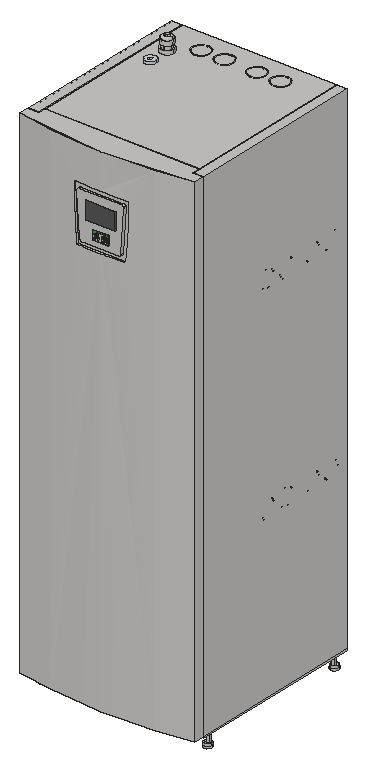
Revit family "HVAC_Heaters_Enertech_CTC-EcoPart-400 Pro", category Specialty Equipment, Revit 2017 (continued)
Automatic sketch dimensions
  curve 344 to curve 345 = 0 mm  (x2)
  curve 348 to curve 349 = 0 mm  (x2)
  curve 126 to level = 0 mm
  curve 126 to plane 7 = 0 mm
  curve 356 to plane 8 = 0 mm
  curve 480 to level = 0 mm
  curve 479 to level = 0 mm
  curve 129 to plane 6 = 0 mm
  curve 105 to plane 6 = 0 mm
  curve 112 to plane 6 = 0 mm
  curve 108 to plane 6 = 0 mm
  plane 7 to curve 356 = 24.485 mm
  curve 355 to curve 155 = 43 mm
  level to curve 149 = 4 mm
  curve 154 to curve 149 = 26 mm
  curve 149 to curve 152 = 2 mm
  curve 151 to curve 357 = 7.375 mm
  curve 153 to curve 143 = 10.034 mm
  curve 144 to curve 147 = 7.341 mm
  curve 146 to curve 148 = 2 mm
  level to curve 322 = 24.995 mm
  curve 147 to curve 322 = 76.511 mm
  level to curve 322 = 26.409 mm
  curve 319 to curve 322 = 1.414 mm
  level to curve 319 = 16.828 mm
  level to curve 318 = 18.242 mm
  curve 316 to curve 320 = 1.414 mm
  level to curve 315 = 18.242 mm
  level to curve 321 = 16.828 mm
  level to curve 315 = 26.828 mm
  curve 316 to curve 315 = 8.587 mm
  level to curve 321 = 25.414 mm
  curve 315 to curve 321 = 1.414 mm
  curve 323 to curve 323 = 1.414 mm
  curve 317 to curve 325 = 18.343 mm
  level to curve 328 = 25.414 mm
  curve 326 to curve 328 = 1.414 mm
  level to curve 327 = 26.828 mm
  level to curve 328 = 16.828 mm
  curve 326 to curve 328 = 8.587 mm
  level to curve 327 = 18.242 mm
  curve 328 to curve 327 = 1.414 mm
  curve 330 to curve 329 = 1.414 mm
  level to curve 331 = 18.242 mm
  level to curve 332 = 16.828 mm
  level to curve 331 = 26.409 mm
  curve 330 to curve 331 = 8.167 mm
  plane 1 "Center (Front/Back)" to curve 235 = 34.467 mm
  plane 1 "Center (Front/Back)" to curve 251 = 34.467 mm
  curve 252 to curve 251 = 0 mm
  curve 236 to curve 232 = 0 mm
  curve 245 to curve 252 = 2.001 mm
  curve 251 to curve 252 = 0 mm
  curve 232 to curve 235 = 2.001 mm
  curve 236 to curve 231 = 0 mm
  plane 1 "Center (Front/Back)" to curve 242 = 5 mm
  plane 1 "Center (Front/Back)" to curve 258 = 5 mm
  plane 1 "Center (Front/Back)" to curve 254 = 5 mm
  plane 1 "Center (Front/Back)" to curve 238 = 5 mm
  plane 1 "Center (Front/Back)" to curve 228 = 4 mm
  plane 1 "Center (Front/Back)" to curve 244 = 4 mm
  curve 247 to curve 253 = 2 mm
  curve 246 to curve 257 = 2 mm
  curve 230 to curve 241 = 2 mm
  curve 231 to curve 237 = 2 mm
  curve 239 to plane 1 "Center (Front/Back)" = 24.466 mm
  curve 240 to curve 233 = 0 mm
  curve 255 to plane 1 "Center (Front/Back)" = 24.466 mm
  curve 256 to curve 249 = 0 mm
  curve 256 to curve 256 = 2.001 mm
  curve 255 to curve 243 = 0 mm
  curve 233 to curve 239 = 2.001 mm
  curve 240 to curve 234 = 0 mm
  curve 255 to curve 267 = 19.066 mm
  curve 227 to curve 220 = 19.066 mm
  curve 219 to curve 213 = 0 mm
  curve 268 to curve 267 = 0 mm
  curve 264 to curve 267 = 2.001 mm
  curve 220 to curve 220 = 2.001 mm
  curve 219 to curve 214 = 0 mm
  curve 268 to curve 263 = 0 mm
  curve 219 to curve 222 = 27.466 mm
  curve 267 to curve 270 = 27.466 mm
  curve 220 to curve 226 = 27.466 mm
  curve 268 to curve 274 = 27.466 mm
  curve 222 to curve 212 = 1 mm
  curve 268 to curve 259 = 28.466 mm
  curve 215 to curve 221 = 2 mm
  curve 226 to curve 225 = 2 mm
  curve 262 to curve 273 = 2 mm
  curve 270 to curve 269 = 2 mm
  curve 211 to curve 224 = 28.466 mm
  curve 223 to curve 212 = 0 mm
  curve 259 to curve 272 = 28.466 mm
  curve 271 to curve 260 = 0 mm
  curve 265 to curve 271 = 2.001 mm
  curve 212 to curve 224 = 2.001 mm
  curve 272 to curve 266 = 0 mm
  curve 223 to curve 211 = 0 mm
  curve 120 to plane 1 "Center (Front/Back)" = 111.368 mm
  level to curve 341 = 24.995 mm
  curve 341 to plane 1 "Center (Front/Back)" = 138.747 mm
  level to curve 341 = 26.409 mm
  curve 338 to curve 341 = 1.414 mm
  level to curve 338 = 16.828 mm
  level to curve 337 = 18.242 mm
  curve 337 to curve 339 = 1.414 mm  (x2)
  plane 8 to curve 122 = 6 mm
  curve 120 to curve 122 = 38.497 mm
  level to curve 334 = 18.242 mm
  level to curve 340 = 16.828 mm
  curve 224 to curve 204 = 49.049 mm
  curve 203 to curve 197 = 0 mm
  curve 271 to curve 283 = 49.049 mm
  curve 284 to curve 283 = 0 mm
  curve 203 to curve 203 = 2.001 mm
  curve 277 to curve 284 = 2.001 mm
  curve 283 to curve 284 = 0 mm
  curve 204 to curve 199 = 0 mm
  level to curve 334 = 26.828 mm
  curve 334 to curve 334 = 8.587 mm
  level to curve 340 = 25.414 mm
  curve 334 to curve 340 = 1.414 mm
  curve 340 to curve 343 = 1.414 mm
  curve 118 to curve 178 = 28.752 mm
  plane 8 to curve 167 = 38.959 mm
  curve 123 to curve 167 = 1.883 mm
  curve 342 to curve 343 = 18.343 mm
  level to curve 347 = 25.414 mm
  curve 345 to curve 347 = 1.414 mm
  plane 8 to curve 167 = 40.305 mm
  curve 166 to curve 167 = 2.332 mm
  level to curve 346 = 26.828 mm
  curve 165 to curve 170 = 4.096 mm
  curve 284 to curve 290 = 27.466 mm
  curve 279 to curve 286 = 27.466 mm
  curve 203 to curve 206 = 27.466 mm
  curve 198 to curve 210 = 27.466 mm
  curve 206 to curve 200 = 1 mm
  curve 284 to curve 275 = 28.466 mm
  curve 278 to curve 289 = 2 mm
  curve 286 to curve 285 = 2 mm
  curve 198 to curve 209 = 2 mm
  curve 199 to curve 205 = 2 mm
  curve 167 to curve 176 = 6.7 mm
  level to curve 347 = 16.828 mm
  curve 345 to curve 347 = 8.587 mm
  level to curve 346 = 18.242 mm
  curve 348 to curve 346 = 1.414 mm
  curve 349 to curve 348 = 1.414 mm  (x2)
  level to curve 350 = 18.242 mm
  level to curve 351 = 16.828 mm
  level to curve 350 = 26.409 mm
  curve 349 to curve 350 = 8.167 mm
  curve 176 to curve 175 = 22.169 mm
  curve 195 to curve 207 = 28.466 mm
  curve 275 to curve 288 = 28.466 mm
  curve 287 to curve 276 = 0 mm
  curve 208 to curve 201 = 0 mm
  curve 201 to curve 207 = 2.001 mm
  curve 276 to curve 288 = 2.001 mm
  curve 208 to curve 202 = 0 mm
  curve 287 to curve 275 = 0 mm
  curve 175 to curve 160 = 4.936 mm
  curve 175 to curve 162 = 6.7 mm
  curve 162 to curve 161 = 2.332 mm
  curve 162 to curve 125 = 4.216 mm
  curve 195 to curve 188 = 19.066 mm
  curve 187 to curve 181 = 0 mm
  curve 275 to curve 300 = 19.066 mm
  curve 299 to curve 300 = 0 mm
  curve 296 to curve 299 = 2.001 mm
  curve 184 to curve 187 = 2.001 mm
  curve 300 to curve 295 = 0 mm
  curve 188 to curve 183 = 0 mm
  curve 295 to curve 302 = 27.466 mm
  curve 187 to curve 190 = 27.466 mm
  curve 188 to curve 194 = 27.466 mm
  curve 294 to curve 306 = 27.466 mm
  curve 190 to curve 182 = 1 mm
  curve 302 to curve 291 = 1 mm
  curve 190 to curve 189 = 2 mm
  curve 181 to curve 193 = 2 mm
  curve 294 to curve 305 = 2 mm
  curve 302 to curve 301 = 2 mm
  level to curve 140 = 4 mm
  curve 140 to plane 6 = 46.48 mm
  curve 179 to curve 191 = 28.466 mm
  curve 192 to curve 191 = 0 mm
  curve 291 to curve 303 = 28.466 mm
  curve 304 to curve 297 = 0 mm
  curve 140 to curve 307 = 2 mm
  curve 292 to curve 304 = 2.001 mm
  curve 303 to curve 291 = 0 mm
  curve 192 to curve 192 = 2.001 mm
  curve 191 to curve 179 = 0 mm
  curve 138 to curve 138 = 7.375 mm
  curve 142 to curve 311 = 10 mm
  curve 132 to curve 135 = 7.375 mm
  curve 135 to curve 136 = 2 mm
  curve 133 to plane 6 = 4 mm
  plane 6 to curve 111 = 1 mm
  plane 6 to curve 116 = 1 mm
  plane 6 to curve 108 = 1 mm
  curve 146 to curve 144 = 8 mm
  curve 139 to curve 139 = 8 mm
  curve 330 to curve 330 = 1.414 mm
  curve 316 to curve 316 = 1.414 mm
  curve 326 to curve 326 = 1.414 mm
  curve 153 to curve 143 = 0 mm
  curve 142 to curve 311 = 0 mm
  curve 154 to curve 355 = 24.5 mm
  curve 130 to curve 129 = 24.518 mm
  curve 331 to curve 254 = 573.124 mm
  curve 254 to curve 253 = 0 mm
  curve 253 to curve 286 = 0 mm
  curve 286 to curve 285 = 0 mm
  curve 282 to curve 301 = 0 mm
  curve 302 to curve 298 = 0 mm
  curve 253 to curve 269 = 0 mm
  curve 270 to curve 266 = 0 mm
  curve 270 to curve 270 = 2.001 mm
  curve 254 to curve 254 = 2.001 mm
  curve 286 to curve 286 = 2.001 mm
  curve 301 to curve 301 = 2.001 mm
  curve 283 to curve 284 = 2 mm
  curve 267 to curve 268 = 2 mm
  curve 250 to curve 256 = 2 mm
  curve 265 to curve 272 = 2 mm
  curve 296 to curve 300 = 2 mm
  curve 247 to curve 252 = 2 mm
  curve 287 to curve 288 = 2 mm
  curve 297 to curve 304 = 2 mm
  curve 221 to plane 8 = 460.467 mm
  curve 222 to curve 218 = 0 mm
  curve 237 to curve 216 = 0 mm
  curve 221 to curve 189 = 0 mm
  curve 190 to curve 186 = 0 mm
  curve 238 to curve 234 = 0 mm
  curve 206 to curve 184 = 0 mm
  curve 206 to curve 205 = 0 mm
  curve 206 to curve 206 = 2.001 mm
  curve 232 to curve 238 = 2.001 mm
  curve 190 to curve 190 = 2.001 mm
  curve 222 to curve 222 = 2.001 mm
  curve 234 to curve 240 = 2 mm
  curve 191 to curve 192 = 2 mm
  curve 200 to curve 204 = 2 mm
  curve 183 to curve 188 = 2 mm
  curve 232 to curve 236 = 2 mm
  curve 201 to curve 208 = 2 mm
  curve 218 to curve 224 = 2 mm
  curve 215 to curve 220 = 2 mm
  curve 129 to curve 105 = 199.429 mm
  curve 116 to curve 114 = 28 mm
  curve 113 to curve 112 = 22 mm
  curve 111 to curve 111 = 28 mm
  curve 110 to curve 107 = 22 mm
  curve 107 to curve 107 = 28 mm
  plane 8 to curve 159 = 11 mm
  curve 158 to curve 160 = 14.2 mm
  curve 162 to curve 123 = 6.695 mm
  plane 7 to curve 356 = 13.426 mm
  curve 356 to curve 355 = 9.24 mm
  curve 355 to curve 354 = 15.898 mm
  curve 353 to curve 155 = 4 mm
  curve 174 to curve 176 = 0 mm
  curve 174 to curve 175 = 0 mm  (x2)
  curve 142 to curve 312 = 19.518 mm
  Extrusion 29 sketch curve to plane 3 "Center (Left/Right)" = 135 mm  (x2)
  Extrusion 29 sketch curve to plane 3 "Center (Left/Right)" = 55 mm  (x2)
  plane 3 "Center (Left/Right)" to Extrusion 29 sketch curve = 54.984 mm  (x2)
  Extrusion 29 sketch curve to Extrusion 29 sketch curve = 80 mm  (x2)
  level to Extrusion 29 sketch curve = 630 mm
  Extrusion 29 sketch curve to Extrusion 29 sketch curve = 0 mm  (x6)
  Extrusion 29 sketch curve to plane 8 = 430 mm
  Blend 16 sketch curve to Blend 16 sketch curve = 35 mm
  plane 7 to Blend 16 sketch curve = 63.486 mm
  plane 6 to Blend 16 sketch curve = 937.934 mm
  plane 7 to Blend 16 sketch curve = 27.743 mm
  Blend 16 sketch curve to Blend 16 sketch curve = 35.742 mm
  plane 7 to Blend 16 sketch curve = 26.703 mm
  plane 6 to Blend 16 sketch curve = 996.727 mm
  radius of Extrusion 9 sketch curve = 14 mm  (x6)
  radius of Extrusion 9 sketch curve = 12.4 mm  (x6)
  radius of Extrusion 15 sketch curve = 5 mm  (x4)
  radius of Extrusion 22 sketch curve = 19.248 mm
  radius of Extrusion 22 sketch curve = 7.026 mm
  radius of Extrusion 24 sketch curve = 5.5 mm
  radius of Extrusion 26 sketch curve = 28.484 mm  (x4)
  radius of Extrusion 27 sketch curve = 28.484 mm  (x8)
  radius of Extrusion 28 sketch curve = 28.484 mm  (x8)
  radius of Extrusion 29 sketch curve = 28.484 mm  (x8)
Connectors
  electrical at (-205.108, 200.616, 1807), driven by "NumberOfPoles"
    settings: on cut or joined group of Revolve 23, Extrusion 24, index 1, voltage 0 V, apparent load 0 VA, apparent load phase1 0 VA, apparent load phase2 0 VA, apparent load phase3 0 VA, power factor 1, load classification "Other", number of poles 3, system type 31, power factor state 1, is connector primary yes, connector utility no, sub classification motor no, connector description ""
  electrical at (-205.108, 130.616, 1766)
    settings: on Extrusion 22, index 2, voltage 0 V, apparent load 0 VA, apparent load phase1 0 VA, apparent load phase2 0 VA, apparent load phase3 0 VA, power factor 1, load classification "Other", number of poles 1, system type 14, power factor state 1, is connector primary no, connector utility no, sub classification motor no, connector description ""
  piping at (-134.992, 257.55, 1757), diameter 28
    settings: on Extrusion 26, index 3, connector inside diameter 609.6 mm, connector length 0 mm, flow factor 0, pipe flow 0.0 L/s, pressure drop 0.0 Pa, fitting loss kfactor 0, connector angle 0.00°, fixture units 0, engagement length 0 mm, angle of deflection 0.00°, flow configuration 0, flow direction 1, fitting loss method 0, system type 19, joint type 0, gender type 0, connector reference index -1, connector utility 0, adjustable connector no, is connector primary yes, connector description ""
  piping at (-54.992, 257.55, 1757), diameter 28
    settings: on Extrusion 26, index 4, connector inside diameter 609.6 mm, connector length 0 mm, flow factor 0, pipe flow 0.0 L/s, pressure drop 0.0 Pa, fitting loss kfactor 0, connector angle 0.00°, fixture units 0, engagement length 0 mm, angle of deflection 0.00°, flow configuration 0, flow direction 2, fitting loss method 0, system type 19, joint type 0, gender type 0, connector reference index -1, connector utility 0, adjustable connector no, is connector primary no, connector description ""
  piping at (54.992, 257.55, 1757), diameter 28
    settings: on Extrusion 26, index 5, connector inside diameter 609.6 mm, connector length 0 mm, flow factor 0, pipe flow 0.0 L/s, pressure drop 0.0 Pa, fitting loss kfactor 0, connector angle 0.00°, fixture units 0, engagement length 0 mm, angle of deflection 0.00°, flow configuration 0, flow direction 2, fitting loss method 0, system type 22, joint type 0, gender type 0, connector reference index -1, connector utility 0, adjustable connector no, is connector primary no, connector description ""
  piping at (134.992, 257.55, 1757), diameter 28
    settings: on Extrusion 26, index 6, connector inside diameter 609.6 mm, connector length 0 mm, flow factor 0, pipe flow 0.0 L/s, pressure drop 0.0 Pa, fitting loss kfactor 0, connector angle 0.00°, fixture units 0, engagement length 0 mm, angle of deflection 0.00°, flow configuration 0, flow direction 1, fitting loss method 0, system type 22, joint type 0, gender type 0, connector reference index -1, connector utility 0, adjustable connector no, is connector primary no, connector description ""
  piping at (296, -4, 1330), diameter 28
    settings: on Extrusion 28, index 7, connector inside diameter 609.6 mm, connector length 0 mm, flow factor 0, pipe flow 0.0 L/s, pressure drop 0.0 Pa, fitting loss kfactor 0, connector angle 0.00°, fixture units 0, engagement length 0 mm, angle of deflection 0.00°, flow configuration 0, flow direction 1, fitting loss method 0, system type 19, joint type 0, gender type 0, connector reference index -1, connector utility 0, adjustable connector no, is connector primary no, connector description ""
  piping at (296, 76, 1330), diameter 28
    settings: on Extrusion 28, index 8, connector inside diameter 609.6 mm, connector length 0 mm, flow factor 0, pipe flow 0.0 L/s, pressure drop 0.0 Pa, fitting loss kfactor 0, connector angle 0.00°, fixture units 0, engagement length 0 mm, angle of deflection 0.00°, flow configuration 0, flow direction 2, fitting loss method 0, system type 19, joint type 0, gender type 0, connector reference index -1, connector utility 0, adjustable connector no, is connector primary no, connector description ""
  piping at (296, 185.984, 1330), diameter 28
    settings: on Extrusion 28, index 9, connector inside diameter 609.6 mm, connector length 0 mm, flow factor 0, pipe flow 0.0 L/s, pressure drop 0.0 Pa, fitting loss kfactor 0, connector angle 0.00°, fixture units 0, engagement length 0 mm, angle of deflection 0.00°, flow configuration 0, flow direction 2, fitting loss method 0, system type 22, joint type 0, gender type 0, connector reference index -1, connector utility 0, adjustable connector no, is connector primary no, connector description ""
  piping at (296, 262.484, 1330), diameter 28
    settings: on Extrusion 28, index 10, connector inside diameter 609.6 mm, connector length 0 mm, flow factor 0, pipe flow 0.0 L/s, pressure drop 0.0 Pa, fitting loss kfactor 0, connector angle 0.00°, fixture units 0, engagement length 0 mm, angle of deflection 0.00°, flow configuration 0, flow direction 1, fitting loss method 0, system type 22, joint type 0, gender type 0, connector reference index -1, connector utility 0, adjustable connector no, is connector primary no, connector description ""
  piping at (296, -4, 630), diameter 28
    settings: on Extrusion 28, index 11, connector inside diameter 609.6 mm, connector length 0 mm, flow factor 0, pipe flow 0.0 L/s, pressure drop 0.0 Pa, fitting loss kfactor 0, connector angle 0.00°, fixture units 0, engagement length 0 mm, angle of deflection 0.00°, flow configuration 0, flow direction 1, fitting loss method 0, system type 19, joint type 0, gender type 0, connector reference index -1, connector utility 0, adjustable connector no, is connector primary no, connector description ""
  piping at (296, 76, 630), diameter 28
    settings: on Extrusion 28, index 12, connector inside diameter 609.6 mm, connector length 0 mm, flow factor 0, pipe flow 0.0 L/s, pressure drop 0.0 Pa, fitting loss kfactor 0, connector angle 0.00°, fixture units 0, engagement length 0 mm, angle of deflection 0.00°, flow configuration 0, flow direction 2, fitting loss method 0, system type 19, joint type 0, gender type 0, connector reference index -1, connector utility 0, adjustable connector no, is connector primary no, connector description ""
  piping at (296, 185.984, 630), diameter 28
    settings: on Extrusion 28, index 13, connector inside diameter 609.6 mm, connector length 0 mm, flow factor 0, pipe flow 0.0 L/s, pressure drop 0.0 Pa, fitting loss kfactor 0, connector angle 0.00°, fixture units 0, engagement length 0 mm, angle of deflection 0.00°, flow configuration 0, flow direction 2, fitting loss method 0, system type 22, joint type 0, gender type 0, connector reference index -1, connector utility 0, adjustable connector no, is connector primary no, connector description ""
  piping at (296, 262.484, 630), diameter 28
    settings: on Extrusion 28, index 14, connector inside diameter 609.6 mm, connector length 0 mm, flow factor 0, pipe flow 0.0 L/s, pressure drop 0.0 Pa, fitting loss kfactor 0, connector angle 0.00°, fixture units 0, engagement length 0 mm, angle of deflection 0.00°, flow configuration 0, flow direction 1, fitting loss method 0, system type 22, joint type 0, gender type 0, connector reference index -1, connector utility 0, adjustable connector no, is connector primary no, connector description ""
  piping at (-296, -4, 1330), diameter 28
    settings: on Extrusion 27, index 15, connector inside diameter 609.6 mm, connector length 0 mm, flow factor 0, pipe flow 0.0 L/s, pressure drop 0.0 Pa, fitting loss kfactor 0, connector angle 0.00°, fixture units 0, engagement length 0 mm, angle of deflection 0.00°, flow configuration 0, flow direction 2, fitting loss method 0, system type 19, joint type 0, gender type 0, connector reference index -1, connector utility 0, adjustable connector no, is connector primary no, connector description ""
  piping at (-296, 76, 1330), diameter 28
    settings: on Extrusion 27, index 16, connector inside diameter 609.6 mm, connector length 0 mm, flow factor 0, pipe flow 0.0 L/s, pressure drop 0.0 Pa, fitting loss kfactor 0, connector angle 0.00°, fixture units 0, engagement length 0 mm, angle of deflection 0.00°, flow configuration 0, flow direction 2, fitting loss method 0, system type 19, joint type 0, gender type 0, connector reference index -1, connector utility 0, adjustable connector no, is connector primary no, connector description ""
  piping at (-296, 185.984, 1330), diameter 28
    settings: on Extrusion 27, index 17, connector inside diameter 609.6 mm, connector length 0 mm, flow factor 0, pipe flow 0.0 L/s, pressure drop 0.0 Pa, fitting loss kfactor 0, connector angle 0.00°, fixture units 0, engagement length 0 mm, angle of deflection 0.00°, flow configuration 0, flow direction 2, fitting loss method 0, system type 22, joint type 0, gender type 0, connector reference index -1, connector utility 0, adjustable connector no, is connector primary no, connector description ""
  piping at (-296, 262.484, 1330), diameter 28
    settings: on Extrusion 27, index 18, connector inside diameter 609.6 mm, connector length 0 mm, flow factor 0, pipe flow 0.0 L/s, pressure drop 0.0 Pa, fitting loss kfactor 0, connector angle 0.00°, fixture units 0, engagement length 0 mm, angle of deflection 0.00°, flow configuration 0, flow direction 2, fitting loss method 0, system type 22, joint type 0, gender type 0, connector reference index -1, connector utility 0, adjustable connector no, is connector primary no, connector description ""
  piping at (-296, 262.484, 630), diameter 28
    settings: on Extrusion 27, index 19, connector inside diameter 609.6 mm, connector length 0 mm, flow factor 0, pipe flow 0.0 L/s, pressure drop 0.0 Pa, fitting loss kfactor 0, connector angle 0.00°, fixture units 0, engagement length 0 mm, angle of deflection 0.00°, flow configuration 0, flow direction 2, fitting loss method 0, system type 22, joint type 0, gender type 0, connector reference index -1, connector utility 0, adjustable connector no, is connector primary no, connector description ""
  piping at (-296, 185.984, 630), diameter 28
    settings: on Extrusion 27, index 20, connector inside diameter 609.6 mm, connector length 0 mm, flow factor 0, pipe flow 0.0 L/s, pressure drop 0.0 Pa, fitting loss kfactor 0, connector angle 0.00°, fixture units 0, engagement length 0 mm, angle of deflection 0.00°, flow configuration 0, flow direction 2, fitting loss method 0, system type 22, joint type 0, gender type 0, connector reference index -1, connector utility 0, adjustable connector no, is connector primary no, connector description ""
  piping at (-296, 76, 630), diameter 28
    settings: on Extrusion 27, index 21, connector inside diameter 609.6 mm, connector length 0 mm, flow factor 0, pipe flow 0.0 L/s, pressure drop 0.0 Pa, fitting loss kfactor 0, connector angle 0.00°, fixture units 0, engagement length 0 mm, angle of deflection 0.00°, flow configuration 0, flow direction 2, fitting loss method 0, system type 19, joint type 0, gender type 0, connector reference index -1, connector utility 0, adjustable connector no, is connector primary no, connector description ""
  piping at (-296, -4, 630), diameter 28
    settings: on Extrusion 27, index 22, connector inside diameter 609.6 mm, connector length 0 mm, flow factor 0, pipe flow 0.0 L/s, pressure drop 0.0 Pa, fitting loss kfactor 0, connector angle 0.00°, fixture units 0, engagement length 0 mm, angle of deflection 0.00°, flow configuration 0, flow direction 2, fitting loss method 0, system type 19, joint type 0, gender type 0, connector reference index -1, connector utility 0, adjustable connector no, is connector primary no, connector description ""
  piping at (134.984, 338, 1330), diameter 28
    settings: on Extrusion 29, index 23, connector inside diameter 609.6 mm, connector length 0 mm, flow factor 0, pipe flow 0.0 L/s, pressure drop 0.0 Pa, fitting loss kfactor 0, connector angle 0.00°, fixture units 0, engagement length 0 mm, angle of deflection 0.00°, flow configuration 1, flow direction 1, fitting loss method 0, system type 19, joint type 0, gender type 0, connector reference index -1, connector utility 0, adjustable connector no, is connector primary no, connector description ""
  piping at (54.984, 338, 1330), diameter 28
    settings: on Extrusion 29, index 24, connector inside diameter 609.6 mm, connector length 0 mm, flow factor 0, pipe flow 0.0 L/s, pressure drop 0.0 Pa, fitting loss kfactor 0, connector angle 0.00°, fixture units 0, engagement length 0 mm, angle of deflection 0.00°, flow configuration 1, flow direction 2, fitting loss method 0, system type 19, joint type 0, gender type 0, connector reference index -1, connector utility 0, adjustable connector no, is connector primary no, connector description ""
  piping at (-55, 338, 1330), diameter 28
    settings: on Extrusion 29, index 25, connector inside diameter 609.6 mm, connector length 0 mm, flow factor 0, pipe flow 0.0 L/s, pressure drop 0.0 Pa, fitting loss kfactor 0, connector angle 0.00°, fixture units 0, engagement length 0 mm, angle of deflection 0.00°, flow configuration 1, flow direction 2, fitting loss method 0, system type 22, joint type 0, gender type 0, connector reference index -1, connector utility 0, adjustable connector no, is connector primary no, connector description ""
  piping at (-135, 338, 1330), diameter 28
    settings: on Extrusion 29, index 26, connector inside diameter 609.6 mm, connector length 0 mm, flow factor 0, pipe flow 0.0 L/s, pressure drop 0.0 Pa, fitting loss kfactor 0, connector angle 0.00°, fixture units 0, engagement length 0 mm, angle of deflection 0.00°, flow configuration 1, flow direction 1, fitting loss method 0, system type 22, joint type 0, gender type 0, connector reference index -1, connector utility 0, adjustable connector no, is connector primary no, connector description ""
  piping at (134.984, 338, 630), diameter 28
    settings: on Extrusion 29, index 27, connector inside diameter 609.6 mm, connector length 0 mm, flow factor 0, pipe flow 0.0 L/s, pressure drop 0.0 Pa, fitting loss kfactor 0, connector angle 0.00°, fixture units 0, engagement length 0 mm, angle of deflection 0.00°, flow configuration 1, flow direction 1, fitting loss method 0, system type 19, joint type 0, gender type 0, connector reference index -1, connector utility 0, adjustable connector no, is connector primary no, connector description ""
  piping at (54.984, 338, 630), diameter 28
    settings: on Extrusion 29, index 28, connector inside diameter 609.6 mm, connector length 0 mm, flow factor 0, pipe flow 0.0 L/s, pressure drop 0.0 Pa, fitting loss kfactor 0, connector angle 0.00°, fixture units 0, engagement length 0 mm, angle of deflection 0.00°, flow configuration 1, flow direction 2, fitting loss method 0, system type 19, joint type 0, gender type 0, connector reference index -1, connector utility 0, adjustable connector no, is connector primary no, connector description ""
  piping at (-55, 338, 630), diameter 28
    settings: on Extrusion 29, index 29, connector inside diameter 609.6 mm, connector length 0 mm, flow factor 0, pipe flow 0.0 L/s, pressure drop 0.0 Pa, fitting loss kfactor 0, connector angle 0.00°, fixture units 0, engagement length 0 mm, angle of deflection 0.00°, flow configuration 1, flow direction 2, fitting loss method 0, system type 22, joint type 0, gender type 0, connector reference index -1, connector utility 0, adjustable connector no, is connector primary no, connector description ""
  piping at (-135, 338, 630), diameter 28
    settings: on Extrusion 29, index 30, connector inside diameter 609.6 mm, connector length 0 mm, flow factor 0, pipe flow 0.0 L/s, pressure drop 0.0 Pa, fitting loss kfactor 0, connector angle 0.00°, fixture units 0, engagement length 0 mm, angle of deflection 0.00°, flow configuration 1, flow direction 1, fitting loss method 0, system type 22, joint type 0, gender type 0, connector reference index -1, connector utility 0, adjustable connector no, is connector primary no, connector description ""
Types (5, lengths in mm): name | Weight | SpecifiedOutput | SoundPowerLWA | Sound pressureLPA 1m | SCOPWarm | SCOPModerate | SCOPCold | RefrigerantQuantity | RatedVoltage | RatedHeatOutputModerate | RatedCurrent | NumberOfPoles | NominalVoltage | ModelNumber | MaxStartingCurrent | Model | InPutPower | GroupFuse | EANNumber | COP | CO2Equivalent
  CTC EcoPart i425 Pro - 400V3N | "328 kg" | "24.43 kW" | "50 dB" | "45 dB" | "4.7" | "4.8" | "4.8" | "4.6 kg (2.7+1.9)" | 1200 V | "26 kW" | 22.2 A | 3 | 400 V | "587000001" | "49.7 A (32.0 + 17.7)" | "CTC EcoPart i425 Pro" | "5.51 kW" | "25 A" | "7333077000578" | "4.43" | "8.160 tonnes"
  CTC EcoPart i425 Pro - 230V1N | "339 kg" | "24.44 kW" | "50 dB" | "45 dB" | "4.7" | "4.8" | "4.8" | "4.6 kg (2.7+1.9)" | 230 V | "26 kW" | 33.5 A | 1 | 230 V | "587001001" | "60.0 A (30.0 + 30.0)" | "CTC EcoPart i425 Pro" | "5.36 kW" | "35 A" | "7333077000639" | "4.56" | "8.160 tonnes"
  CTC EcoPart i430 Pro - 400V3N | "346 kg" | "27.99 kW" | "53 dB" | "48 dB" | "4.5" | "4.6" | "4.6" | "5.0 kg (2.7+2.3)" | 1200 V | "32 kw" | 24.6 A | 3 | 400 V | "587000002" | "55.5 A (32.0 + 23.5)" | "CTC EcoPart i430 Pro" | "6.27 kW" | "25 A" | "7333077000585" | "4.46" | "8.870 tonnes"
  CTC EcoPart i435 Pro - 400V3N | "352 kg" | "32.48 kW" | "56 dB" | "51 dB" | "4.7" | "4.8" | "4.7" | "5.4 kg (2.7+2.7)" | 1200 V | "38 kW" | 28.9 A | 3 | 400 V | "587000003" | "64.0 A (32.0 +32.0)" | "CTC EcoPart i435 Pro" | "7.44 kW" | "30 A" | "7333077000592" | "4.37" | "9.579 tonnes"
  CTC EcoPart i430 Pro - 230V1N | "357 kg" | "28.94 kW" | "53 dB" | "48 dB" | "4.5" | "4.6" | "4.6" | "5.4 kg (2.7+2.7)" | 1200 V | "32 kw" | 38 A | 3 | 400 V | "587001002" | "60.0 A (30.0 + 30.0)" | "CTC EcoPart i430 Pro" | "6.38 kW" | "40 A" | "7333077000646" | "4.54" | "9.579 tonnes"
